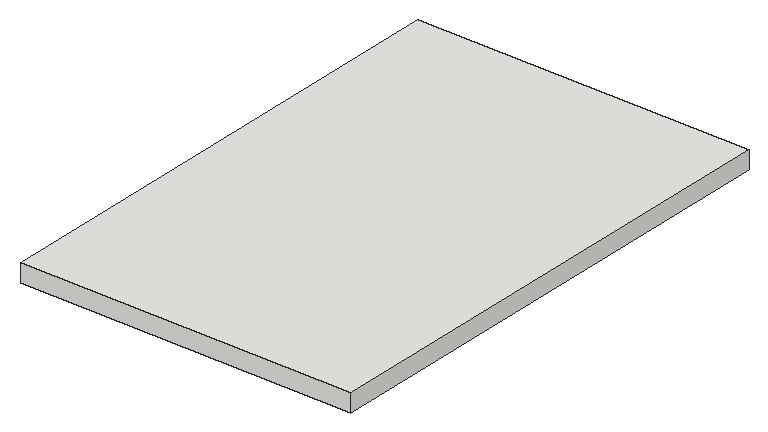
Revit family "SURVIVOR069xxWSxxxESGS0250x", category Leuchten, Revit 2024
Family settings
  Basisbauteil = Fläche
  Bemaßung runder Anschluss = Durchmesser verwenden
  Teiletyp = Normal
  OmniClass-Nummer = 23.80.70.11
  OmniClass-Titel = Luminaries for Internal Lighting
  Beim Laden mit Abzugskörper schneiden = Nein
  Lichtquelle = Ja
  Beschriftungsausrichtung beibehalten = Nein
  Gemeinsam genutzt = Nein
  Raumberechnungspunkt = Nein
Parameters (values of type "SURVIVOR069NDWS840ESGS0300-RF")
  width = 240 mm  # constant formula
  weight = "6.2"
  voltage type (AC, DC, UC) = "AC"
  rated input power = 18
  product name = "SURVIVOR069NDWS840ESGS0300-RF"
  nominal voltage = "230"
  nominal frequency = "50-60Hz"
  length = 690 mm  # constant formula
  ingress protection (IP) code = "IP65"
  height = 73 mm  # constant formula
  electrical safety class = "1"
  control gear = ""
  conformity mark = "CE"  # constant formula
  brand = "RIDI"
  approval mark = ""
  built-in parameter 1150104 = 13.8 (stored number, unit not read)
  Wattage = 19.5231 W
  Von Breite des Rechtecks ausssenden = 618 mm
  Von Länge des Rechtecks aussenden = 181 mm  # constant formula
  Default Elevation = 0 mm
  built-in parameter 1150113 = 1 (stored number, unit not read)
  built-in parameter 1114218 = 1 (stored number, unit not read)
  URL = "www.ridi.de"
  built-in parameter 1150134 = 12
  built-in parameter 1150109 = 1 (stored number, unit not read)
  built-in parameter 1150110 = 1 (stored number, unit not read)
  Apparent Load = 18 VA
  Tilt Angle = 90.00°
  Modell = "0622231//420"
  built-in parameter 1114217 = 1 (stored number, unit not read)
  built-in parameter 1150139 = (empty or 0)
  built-in parameter 1150105 = 230.77 (stored number, unit not read)
  built-in parameter 1150114 = 1 (stored number, unit not read)
  Lumens = 2900 lm
  built-in parameter 1150115 = 1 (stored number, unit not read)
  built-in parameter 1150112 = 1 (stored number, unit not read)
  Lampe = "LED"
  Hersteller = "RIDI Leuchten GmbH"  # constant formula
  Dimming Lamp Color Temperature Shift = (empty or 0)
  Color Filter = 16777215
  built-in parameter 1150133 = 10 (stored number, unit not read)
  Emit Shape Visible in Rendering = no
  built-in parameter 1150137 = (empty or 0)
  built-in parameter 1150132 = 2
  Datei für fotometrisches Netz = "SURVIVOR_ESGS.IES"
  Copyright = "© RIDI. All rights reserved."  # constant formula
  built-in parameter 1150106 = 2.3077 (stored number, unit not read)
  Baugruppenkennzeichen = "D5020200"
  built-in parameter 1150107 = 4000 (stored number, unit not read)
  built-in parameter 1150102 = (empty or 0)
  built-in parameter 1150138 = (empty or 0)
Types (5, lengths in mm): name | rated input power | product name | Wattage | built-in parameter 1150134 | Apparent Load | Modell | built-in parameter 1150105 | Lumens | built-in parameter 1150106 | built-in parameter 1150107
  (no name) | 18 | "SURVIVOR069NDWS840ESGS0300-RF" | 19.5231 W | 12 | 18 VA | "0622231//420" | 230.77 (stored number, unit not read) | 2900 lm | 2.3077 (stored number, unit not read) | 4000 (stored number, unit not read)
  SURVIVOR069DAWS830ESGS0250 | 19 | "SURVIVOR069DAWS830ESGS0250" | 18.9845 W | (empty or 0) | 19 VA | "0632227" | 224.41 (stored number, unit not read) | 2820 lm | 2.2441 (stored number, unit not read) | 3000 (stored number, unit not read)
  SURVIVOR069NDWS830ESGS0250-RF | 18 | "SURVIVOR069NDWS830ESGS0250-RF" | 18.1767 W | (empty or 0) | 18 VA | "0622227//420" | 214.86 (stored number, unit not read) | 2700 lm | 2.1486 (stored number, unit not read) | 3000 (stored number, unit not read)
  SURVIVOR069DAWS840ESGS0300 | 19 | "SURVIVOR069DAWS840ESGS0300" | 19.9943 W | 12 | 19 VA | "0632231" | 236.35 (stored number, unit not read) | 2970 lm | 2.3635 (stored number, unit not read) | 4000 (stored number, unit not read)
  SURVIVOR069NDWS840ESGS0300-RF | 18 | "SURVIVOR069NDWS840ESGS0300-RF" | 19.5231 W | 12 | 18 VA | "0622231//420" | 230.77 (stored number, unit not read) | 2900 lm | 2.3077 (stored number, unit not read) | 4000 (stored number, unit not read)
Reference planes
  plane 1 "Mitte (Vorne/hinten)": y = 0
  plane 2: z = 0
  plane 3 "Mitte (Links/rechts)": x = 0
  plane 4: z = 1200
Forms (mm)
  Extrusion 1, solid
    sketch origin (219.2, 280.8, 0) x (1, 0, 0) y (0, 1, 0)
      loop
        line (-1219.2, 1219.2) -> (-1219.2, -1780.8) -> (780.8, -1780.8) -> (780.8, 1219.2) -> (-1219.2, 1219.2)
    from 0 to -107.307
Dimensions and locks
  plane 4 to Extrusion 1 = 1200 mm
  aligned and locked: plane 2 to Extrusion 1
  aligned and locked: level to Extrusion 1
Connectors
  electrical at (53.526, -319.1, 2.275), driven by "Apparent Load"
    settings: on import instance, index 1, voltage 230 V, apparent load 0 VA, apparent load phase1 18 VA, apparent load phase2 0 VA, apparent load phase3 0 VA, power factor 1, load classification "Lighting", number of poles 1, system type 31, power factor state 1, is connector primary yes, connector utility no, sub classification motor no, connector description ""
